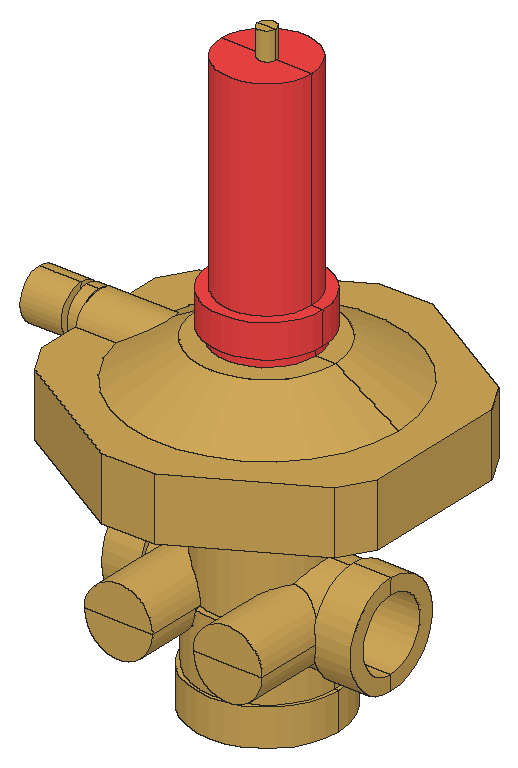
Revit family "Differential Pressure Control Valve 4202 5-30kPa", category Rohrzubehör, Revit 2018
Family settings
  Bemaßung runder Anschluss = Durchmesser verwenden
  Teiletyp = Unterbricht
  OmniClass-Nummer = 23.65.55.14
  OmniClass-Titel = Valves for Liquid Services
  Arbeitsebenenbasiert = Nein
  Immer vertikal = Ja
  Beim Laden mit Abzugskörper schneiden = Nein
  Gemeinsam genutzt = Nein
Parameters (values of type "without insulation")
  y2 [instance] = K14 + K9 + H01  # 49.149 mm
  y1 [instance] = (R03 * 2) + R05  # 66.000 mm
  Model = "The differential pressure controller is a straight-version linear controller and works without auxiliary power. The\r\nnominal differential pressure can be continuously adjusted from 50 to 300 mbar and 250 to 600 mbar, respectively.\r\nThe value for the setting can be read from the diagram. The nominal set point is factory preset to a minimum. If\r\nnecessary, the nominal set point can be adjusted using the pre-setting key (1 4002 01). A capillary tube (1000 mm) is\r\nincluded and should be connected to the circuit regulating valve in the supply line."
  Min. operating temperature (anti freeze) = -20 °C  # constant formula
  Max. operating temperature up to DN32 = 130 °C  # constant formula
  Max. operating temperature from DN40 = 110 °C  # constant formula
  Max. differential pressure on the body = 400000.0 Pa  # constant formula
  Max. operating pressure = 2500000.0 Pa  # constant formula
  Valve shaft = "stainless steel 14301"  # constant formula
  URL = "www.herzvalves.com"
  SCRNSEQ = "ARM;ARM_TYP=\"DIFR\";2"
  SCRNCODE = "05;03;4"  # constant formula
  S06 [instance] = 1.000 mm  # constant formula
  S05 [instance] = S01 - 1.000 mm  # 16.250 mm
  S04 [instance] = S02 - 1.000 mm  # 18.000 mm
  S03 [instance] = size_lookup("4202 5-30kPa", "S03", 26.500 mm, Nennweite)  # 25.600 mm
  S02 [instance] = size_lookup("4202 5-30kPa", "S02", 19.000 mm, Nennweite)  # 19.000 mm
  S01 [instance] = size_lookup("4202 5-30kPa", "S01", 17.250 mm, Nennweite)  # 17.250 mm
  Regulator connection nut = "brass CW614N"  # constant formula
  Control range = "5 - 30kPa"  # constant formula
  R06 [instance] = size_lookup("4202 5-30kPa", "R06", 14.500 mm, Nennweite)  # 14.500 mm
  R05 [instance] = size_lookup("4202 5-30kPa", "R05", 46.000 mm, Nennweite)  # 46.000 mm
  R04 [instance] = size_lookup("4202 5-30kPa", "R04", 12.500 mm, Nennweite)  # 12.500 mm
  R03 [instance] = size_lookup("4202 5-30kPa", "R03", 10.000 mm, Nennweite)  # 10.000 mm
  R02 = 14.500 mm  # constant formula
  R01 [instance] = size_lookup("4202 5-30kPa", "R01", 12.500 mm, Nennweite)  # 12.500 mm
  Min. operating temperature (pure water) = 2 °C  # constant formula
  O-Rings = "EPDM"  # constant formula
  Nennweite [instance] = 15.000 mm
  Membrane body = "brass CW602N"  # constant formula
  Membrane = "EPDM"  # constant formula
  Medium = "Water purity in accordance with the ÖNORM H 5195 and VDI 2035 standards.\r\nEthylene and propylene glycol can be mixed to a ratio of 25 - 50 vol. [%]"
  L2 [instance] = size_lookup("4202 5-30kPa", "L2", 161.000 mm, Nennweite)  # 161.000 mm
  L [instance] = size_lookup("4202 5-30kPa", "L", 66.000 mm, Nennweite)  # 66.000 mm
  K9 = 4.000 mm  # constant formula
  K8 = 55.000 mm  # constant formula
  K7 = 8.700 mm  # constant formula
  K6 = 11.700 mm  # constant formula
  K5 = 13.000 mm  # constant formula
  K4 = 12.000 mm  # constant formula
  K3 = 15.000 mm  # constant formula
  K2 = 2.350 mm  # constant formula
  K18 = 89.000 mm  # constant formula
  K17 = 66.700 mm  # constant formula
  K16 = 3.000 mm  # constant formula
  K15 = 26.649 mm  # constant formula
  K14 = 16.649 mm  # constant formula
  K13 = 16.649 mm  # constant formula
  K12 = 10.000 mm  # constant formula
  K11 = 35.000 mm  # constant formula
  K10 = 18.250 mm  # constant formula
  K1.1 = 2.350 mm  # constant formula
  K1 = 7.651 mm  # constant formula
  J9 = 15.700 mm  # constant formula
  J8 = 7.850 mm  # constant formula
  J7 = 15.897 mm  # constant formula
  J6 = 3.900 mm  # constant formula
  J5 = 6.500 mm  # constant formula
  J4 = 1.500 mm  # constant formula
  J3 = 3.200 mm  # constant formula
  J2 = 11.000 mm  # constant formula
  J11 = 3.500 mm  # constant formula
  J10 = 18.897 mm  # constant formula
  J1 = 6.500 mm  # constant formula
  Hersteller = "HERZ-Armaturen Ges.m.b.H"  # constant formula
  H2 [instance] = size_lookup("4202 5-30kPa", "H2", 28.000 mm, Nennweite)  # 28.000 mm
  H1 [instance] = K1 + K2 + K3 + K4 + K5 + K7 + K8 + K16 + 16.650 mm  # 133.351 mm
  H04 = 4.000 mm  # constant formula
  H03 = 9.800 mm  # constant formula
  H02 [instance] = size_lookup("4202 5-30kPa", "H02", 53.000 mm, Nennweite)  # 53.000 mm
  H01 [instance] = size_lookup("4202 5-30kPa", "H01", 25.000 mm, Nennweite)  # 28.500 mm
  Body = "DZR brass CC770S"  # constant formula
  G03 [instance] = size_lookup("4202 5-30kPa", "G03", 13.200 mm, Nennweite)  # 13.200 mm
  G02 [instance] = size_lookup("4202 5-30kPa", "G02", 9.500 mm, Nennweite)  # 9.500 mm
  G01 [instance] = size_lookup("4202 5-30kPa", "G01", 13.500 mm, Nennweite)  # 13.500 mm
  Adjusting spindle = "brass CW614N"  # constant formula
  Materials = "EPDM gaskets can be affected by mineral oil lubricants and thus lead to failure of the EPDM seals. Please refer\r\nto manufacturers documentation when using ethylene glycol products for frost and corrosion protection."
  Dämmung = no
  Insulation shell = "EPP (expanded polypropylen)"  # constant formula
  Compression spring = "spring steel 14310 NS"  # constant formula
  DN50 [instance] = Nennweite = 50.000 mm  # no
  DN40 [instance] = Nennweite = 40.000 mm  # no
  DN32-40 [instance] = or(Nennweite = 32.000 mm, Nennweite = 40.000 mm)  # no
  DN32 [instance] = Nennweite = 32.000 mm  # no
  DN25,32,40 [instance] = or(Nennweite = 25.000 mm, Nennweite = 32.000 mm, Nennweite = 40.000 mm)  # no
  DN25 [instance] = Nennweite = 25.000 mm  # no
  DN20 [instance] = Nennweite = 20.000 mm  # no
  DN15-25 [instance] = or(Nennweite = 15.000 mm, Nennweite = 20.000 mm, Nennweite = 25.000 mm)  # yes
  DN15,20,50 [instance] = or(Nennweite = 15.000 mm, Nennweite = 20.000 mm, Nennweite = 50.000 mm)  # yes
  DN15 [instance] = Nennweite = 15.000 mm  # yes
  D07 [instance] = if(Nennweite = 15.000 mm, 32.500 mm, if(Nennweite = 20.000 mm, 33.500 mm, if(Nennweite = 25.000 mm, 33.500 mm, if(Nennweite = 32.000 mm, 49.500 mm, if(Nennweite = 40.000 mm, 59.500 mm, if(Nennweite = 50.000 mm, 59.500 mm, 0.000 mm))))))  # 32.500 mm
  D06 [instance] = if(Nennweite = 15.000 mm, 32.500 mm, if(Nennweite = 20.000 mm, 33.500 mm, if(Nennweite = 25.000 mm, 33.500 mm, if(Nennweite = 32.000 mm, 49.500 mm, if(Nennweite = 40.000 mm, 59.500 mm, if(Nennweite = 50.000 mm, 59.500 mm, 0.000 mm))))))  # 32.500 mm
  D05 [instance] = if(Nennweite = 15.000 mm, 36.750 mm, if(Nennweite = 20.000 mm, 40.700 mm, if(Nennweite = 25.000 mm, 49.200 mm, if(Nennweite = 32.000 mm, 54.150 mm, if(Nennweite = 40.000 mm, 60.750 mm, if(Nennweite = 50.000 mm, 72.700 mm, 0.000 mm))))))  # 36.750 mm
  D04 [instance] = if(Nennweite = 15.000 mm, 78.500 mm, if(Nennweite = 20.000 mm, 82.000 mm, if(Nennweite = 25.000 mm, 84.000 mm, if(Nennweite = 32.000 mm, 120.000 mm, if(Nennweite = 40.000 mm, 130.000 mm, if(Nennweite = 50.000 mm, 130.500 mm, 0.000 mm))))))  # 78.500 mm
  D03 [instance] = size_lookup("4202 5-30kPa", "R05", 41.000 mm, Nennweite)  # 46.000 mm
  D02 [instance] = if(Nennweite = 15.000 mm, 96.000 mm, if(Nennweite = 20.000 mm, 110.000 mm, if(Nennweite = 25.000 mm, 112.000 mm, if(Nennweite = 32.000 mm, 152.000 mm, if(Nennweite = 40.000 mm, 170.000 mm, if(Nennweite = 50.000 mm, 179.000 mm, 0.000 mm))))))  # 96.000 mm
  D01 [instance] = size_lookup("4202 5-30kPa", "G01", 13.220 mm, Nennweite)  # 13.500 mm
  Bestellnummer Dämmung [instance] = if(and(Dämmung, Nennweite = 15.000 mm), 1409611, if(and(Dämmung, Nennweite = 20.000 mm), 1409612, if(and(Dämmung, Nennweite = 25.000 mm), 1409613, if(and(Dämmung, Nennweite = 32.000 mm), 1409614, if(and(Dämmung, Nennweite = 40.000 mm), 1409615, if(and(Dämmung, Nennweite = 50.000 mm), 1409616, 0))))))  # 0
  Bestellnummer [instance] = if(Nennweite = 15.000 mm, 1420241, if(Nennweite = 20.000 mm, 1420242, if(Nennweite = 25.000 mm, 1420243, if(Nennweite = 32.000 mm, 1420244, if(Nennweite = 40.000 mm, 1420245, if(Nennweite = 50.000 mm, 1420246, 0))))))  # 1420241
  B2 [instance] = size_lookup("4202 5-30kPa", "B2", 31.000 mm, Nennweite)  # 31.000 mm
  B1 [instance] = size_lookup("4202 5-30kPa", "B1", 26.000 mm, Nennweite)  # 26.000 mm
  B04 = 100.649 mm  # constant formula
  B03 = 44.500 mm  # constant formula
  B02 = 104.688 mm  # constant formula
  B01 = 10.000 mm  # constant formula
  Indicator sleeve = "plastic (red)"  # constant formula
  Application = "Differential pressure controllers are used to stabilize the differential pressure in heating and cooling circuits and ensure the\r\nindependence of the loads from dynamic pressure fluctuations in the system."
  Connection nipple = "brass CW602N"  # constant formula
Types (3, lengths in mm): name | y2 | y1 | Model | S05 | S04 | S03 | S02 | S01 | R05 | R04 | R03 | R01 | Nennweite | Medium | L2 | L | H2 | H02 | H01 | G03 | G02 | G01 | Materials | Dämmung | DN50 | DN15-25 | DN15 | D07 | D06 | D05 | D04 | D03 | D02 | D01 | Bestellnummer Dämmung | Bestellnummer | B2 | B1
  (no name) | 49.149 | 66.000 | "The differential pressure controller is a straight-version linear controller and works without auxiliary power. The\r\nnominal differential pressure can be continuously adjusted from 50 to 300 mbar and 250 to 600 mbar, respectively.\r\nThe value for the setting can be read from the diagram. The nominal set point is factory preset to a minimum. If\r\nnecessary, the nominal set point can be adjusted using the pre-setting key (1 4002 01). A capillary tube (1000 mm) is\r\nincluded and should be connected to the circuit regulating valve in the supply line." | 16.250 | 18.000 | 25.600 | 19.000 | 17.250 | 46.000 | 12.500 | 10.000 | 12.500 | 15.000 | "Water purity in accordance with the ÖNORM H 5195 and VDI 2035 standards.\r\nEthylene and propylene glycol can be mixed to a ratio of 25 - 50 vol. [%]" | 161.000 | 66.000 | 28.000 | 53.000 | 28.500 | 13.200 | 9.500 | 13.500 | "EPDM gaskets can be affected by mineral oil lubricants and thus lead to failure of the EPDM seals. Please refer\r\nto manufacturers documentation when using ethylene glycol products for frost and corrosion protection." | no | no | yes | yes | 32.500 | 32.500 | 36.750 | 78.500 | 46.000 | 96.000 | 13.500 | 0 | 1420241 | 31.000 | 26.000
  with insulation | 76.149 | 140.000 | "The differential pressure controller is a straight-version linear controller and works without auxiliary power. The\r\nnominal differential pressure can be continuously adjusted from 50 to 300 mbar and 250 to 600 mbar, respectively.\r\nThe value for the setting can be read from the diagram. The nominal set point is factory preset to a minimum. If\r\nnecessary, the nominal set point can be adjusted using the pre-setting key (1 4002 01). A capillary (1000 mm) is\r\nincluded and should be connected to the circuit regulating valve in the flow." | 27.500 | 27.000 | 37.700 | 28.000 | 28.500 | 106.000 | 14.500 | 17.000 | 33.500 | 50.000 | "Water purity in accordance with the ÖNORM H 5195 and VDI 2035 standards\r\nEthylene and propylene glycol can be mixed to a ratio of 25 - 50 vol. [%]" | 216.500 | 140.000 | 58.000 | 107.000 | 55.500 | 23.400 | 28.325 | 35.000 | "EPDM gaskets can be affected by Mineral oils lubricants and thus lead to failure of the EPDM seals. Please refer\r\nto manufacturers documentation when using ethylene glycol products for frost and corrosion protection" | yes | yes | no | no | 59.500 | 59.500 | 72.700 | 130.500 | 106.000 | 179.000 | 35.000 | 1409616 | 1420246 | 41.000 | 41.000
  without insulation | 49.149 | 66.000 | "The differential pressure controller is a straight-version linear controller and works without auxiliary power. The\r\nnominal differential pressure can be continuously adjusted from 50 to 300 mbar and 250 to 600 mbar, respectively.\r\nThe value for the setting can be read from the diagram. The nominal set point is factory preset to a minimum. If\r\nnecessary, the nominal set point can be adjusted using the pre-setting key (1 4002 01). A capillary tube (1000 mm) is\r\nincluded and should be connected to the circuit regulating valve in the supply line." | 16.250 | 18.000 | 25.600 | 19.000 | 17.250 | 46.000 | 12.500 | 10.000 | 12.500 | 15.000 | "Water purity in accordance with the ÖNORM H 5195 and VDI 2035 standards.\r\nEthylene and propylene glycol can be mixed to a ratio of 25 - 50 vol. [%]" | 161.000 | 66.000 | 28.000 | 53.000 | 28.500 | 13.200 | 9.500 | 13.500 | "EPDM gaskets can be affected by mineral oil lubricants and thus lead to failure of the EPDM seals. Please refer\r\nto manufacturers documentation when using ethylene glycol products for frost and corrosion protection." | no | no | yes | yes | 32.500 | 32.500 | 36.750 | 78.500 | 46.000 | 96.000 | 13.500 | 0 | 1420241 | 31.000 | 26.000
Reference planes
  plane 1 "Mitte (Vorne/hinten)": y = 0
  plane 2: z = 0
  plane 3 "Mitte (Links/rechts)": x = 0
Forms (mm)
  Revolve 1, solid, material "Messing, weicher Gelbton, geschweißt", detail levels fine
    sketch origin (0, 0, 0) x (1, 0, 0) y (0, 0, 1)
      loop
        line (-19.8, 0) -> (19.8, 0) -> (19.8, 9.5) -> (33, 9.5) -> (33, 13.5) -> (23, 13.5) -> (23, 12.5) -> (-23, 12.5) -> (-23, 13.5) -> (-33, 13.5) -> (-33, 9.5) -> (-19.8, 9.5) -> (-19.8, 0)
      axis (-33, 0) -> (33, 0)
    angle from 0 to 360
  Revolve 2, solid, material "Messing, weicher Gelbton, geschweißt", detail levels fine
    sketch origin (0, 0, 0) x (1, 0, 0) y (0, 0, 1)
      loop
        line (0, -28) -> (0, 0) -> (-18, 0) -> (-18, -18.2) -> (-19, -18.2) -> (-19, -28) -> (0, -28)
      axis (0, 0) -> (0, -28)
    angle from 0 to 360
  Extrusion 3, solid, material "Messing, weicher Gelbton, geschweißt", detail levels fine
    sketch origin (0, 0, 0) x (0, -1, 0) y (1, 0, 0)
      loop
        line (-46, -7.038) -> (-27.114, -39.75) -> (-18.886, -44.5) -> (18.886, -44.5) -> (27.114, -39.75) -> (46, -7.038) -> (46, 7.038) -> (27.114, 39.75) -> (18.886, 44.5) -> (-18.886, 44.5) -> (-27.114, 39.75) -> (-46, 7.038) -> (-46, -7.038)
    from 32.5 to 49.149
  Revolve 4, solid, material "Messing, weicher Gelbton, geschweißt", detail levels fine
    sketch origin (0, 0, -7.051) x (1, 0, 0) y (0, 0, 1)
      loop
        line (0, 56.2) -> (0, 66.2) -> (-18.25, 66.2) -> (-35, 56.2) -> (0, 56.2)
      axis (0, 66.2) -> (0, 56.2)
    angle from 0 to 360
  Revolve 5, solid, material "Messing, weicher Gelbton, geschweißt", visible <- "DN15-25", detail levels fine
    sketch origin (-11, 0, 0) x (1, 0, 0) y (0, 1, 0)
      loop
        line (-1.5, 26) -> (-9.2, 26) -> (-9.2, 0) -> (-1.5, 0) -> (-1.5, 26)
      axis (-1.5, 0) -> (-1.5, 26)
    angle from 0 to 360
  Revolve 6, solid, material "Messing, weicher Gelbton, geschweißt", visible <- "DN15,20,50", detail levels fine
    sketch origin (-0.988, 0, -6.853) x (-1, 0, 0) y (0, 0, 1)
      loop
        line (43.5, 55.25) -> (59.2, 55.25) -> (59.2, 61.75) -> (48.2, 61.75) -> (48.2, 59.15) -> (46.7, 59.15) -> (46.7, 61.75) -> (43.5, 61.75) -> (43.5, 55.25)
      axis (43.5, 55.25) -> (59.2, 55.25)
    angle from 0 to 360
  Extrusion 7, solid, material "Messing, weicher Gelbton, geschweißt", visible <- "DN15,20,50", detail levels fine
    sketch origin (0, 0, 0) x (0, 1, 0) y (0, 0, -1)
      loop
        line (7.85, -47.047) -> (7.85, -36) -> (-7.85, -36) -> (-7.85, -47.047)
        arc (-7.85, -47.047) -> (0, -54.897) -> (7.85, -47.047) r 7.85
    from 0 to 44.5
  Revolve 8, solid, material "Kunsstoff rot", detail levels fine
    sketch origin (0, 0, 0) x (1, 0, 0) y (0, 0, 1)
      loop
        line (-12, 125.849) -> (-12, 70.849) -> (-15, 70.849) -> (-15, 62.149) -> (-13, 62.149) -> (-13, 59.149) -> (0, 59.149) -> (0, 125.849) -> (-12, 125.849)
      axis (0, 125.849) -> (0, 59.149)
    angle from 0 to 360
  Revolve 9, solid, material "Messing, weicher Gelbton, geschweißt", visible <- "DN15-25", detail levels fine
    sketch origin (-2, 0, 0) x (1, 0, 0) y (0, 1, 0)
      loop
        line (-12.5, 0) -> (-21.5, 0) -> (-21.5, -31) -> (-12.5, -31) -> (-12.5, 0)
      axis (-12.5, 0) -> (-12.5, -31)
    angle from 0 to 360
  Revolve 10, solid, material "Messing, weicher Gelbton, geschweißt", visible <- "DN15-25", detail levels fine
    sketch origin (2, 0, 0) x (1, 0, 0) y (0, 1, 0)
      loop
        line (12.5, 0) -> (12.5, -31) -> (21.6, -31) -> (21.6, 0) -> (12.5, 0)
      axis (12.5, 0) -> (12.5, -31)
    angle from 0 to 360
  Extrusion 11, solid, material "Messing, weicher Gelbton, geschweißt", visible <- "DN32", detail levels fine
    sketch origin (-31.5, 0, 0) x (1, 0, 0) y (0, 1, 0)
      loop
        circle (63, 0) r 6.578
      loop
        circle (63, 0) r 3.28
    from -47 to 0
  Extrusion 12, solid, material "Messing, weicher Gelbton, geschweißt", visible <- "DN32", detail levels fine
    sketch origin (31.5, 0, 0) x (-1, 0, 0) y (0, -1, 0)
      loop
        circle (63, 0) r 6.578
      loop
        circle (63, 0) r 3.28
    from -47 to 0
  Revolve 13, solid, material "Messing, weicher Gelbton, geschweißt", detail levels fine
    sketch origin (0, 0, 0) x (1, 0, 0) y (0, 0, 1)
      loop
        line (-16.25, 0) -> (0, 0) -> (0, 32.5) -> (-12.25, 32.5) -> (-12.25, 28.5) -> (-17.25, 28.5) -> (-17.25, 18.7) -> (-16.25, 18.7) -> (-16.25, 0)
      axis (0, 32.5) -> (0, 0)
    angle from 0 to 360
  Extrusion 14, solid, material "Messing, weicher Gelbton, geschweißt", visible <- "DN40", detail levels fine
    sketch origin (29.382, 0, 0) x (-1, 0, 0) y (0, -1, 0)
      loop
        circle (63, 0) r 6.578
      loop
        circle (63, 0) r 3.28
    from -58 to 0
  Extrusion 15, solid, material "Messing, weicher Gelbton, geschweißt", visible <- "DN40", detail levels fine
    sketch origin (-29.455, 0, 0) x (1, 0, 0) y (0, 1, 0)
      loop
        circle (63, 0) r 6.578
      loop
        circle (63, 0) r 3.28
    from -58 to 0
  Extrusion 16, solid, material "Messing, weicher Gelbton, geschweißt", visible <- "DN50", detail levels fine
    sketch origin (28.422, 0, 0) x (-1, 0, 0) y (0, -1, 0)
      loop
        circle (63, 0) r 6.578
      loop
        circle (63, 0) r 3.28
    from -58 to 0
  Extrusion 17, solid, material "Messing, weicher Gelbton, geschweißt", visible <- "DN50", detail levels fine
    sketch origin (-28.422, 0, 0) x (1, 0, 0) y (0, 1, 0)
      loop
        circle (63, 0) r 6.578
      loop
        circle (63, 0) r 3.28
    from -58 to 0
  Revolve 18, solid, material "Messing, weicher Gelbton, geschweißt", detail levels fine
    sketch origin (0, 0, 0) x (1, 0, 0) y (0, 0, 1)
      loop
        line (-2.35, 125.349) -> (0, 125.349) -> (0, 133) -> (-2.35, 133) -> (-2.35, 125.349)
      axis (0, 133) -> (0, 125.349)
    angle from 0 to 360
  Revolve 19, solid, material "Messing, weicher Gelbton, geschweißt", visible <- "DN32-40", detail levels fine
    sketch origin (-11, 0, 0) x (1, 0, 0) y (0, 1, 0)
      loop
        line (-1.5, -26) -> (-1.5, 0) -> (-9.2, 0) -> (-9.2, -26) -> (-1.5, -26)
      axis (-1.5, 0) -> (-1.5, -26)
    angle from 0 to 360
  Revolve 20, solid, material "Messing, weicher Gelbton, geschweißt", visible <- "DN25,32,40", detail levels fine
    sketch origin (0.988, 0, 20.147) x (1, 0, 0) y (0, 0, 1)
      loop
        line (43.5, 28.25) -> (59.2, 28.25) -> (59.2, 34.75) -> (48.2, 34.75) -> (48.2, 32.15) -> (46.7, 32.15) -> (46.7, 34.75) -> (43.5, 34.75) -> (43.5, 28.25)
      axis (43.5, 28.25) -> (59.2, 28.25)
    angle from 0 to 360
  Extrusion 21, solid, material "Messing, weicher Gelbton, geschweißt", visible <- "DN25", detail levels fine
    sketch origin (0, 0, 0) x (0, 1, 0) y (0, 0, 1)
      loop
        arc (7.85, 48.047) -> (0, 55.897) -> (-7.85, 48.047) r 7.85
        line (-7.85, 48.047) -> (-7.85, 37) -> (7.85, 37) -> (7.85, 48.047)
    from 0 to 44.5
  Extrusion 22, solid, material "Messing, weicher Gelbton, geschweißt", visible <- "DN32", detail levels fine
    sketch origin (0, 0, 0) x (0, 1, 0) y (0, 0, 1)
      loop
        arc (7.85, 64.047) -> (0, 71.897) -> (-7.85, 64.047) r 7.85
        line (-7.85, 64.047) -> (-7.85, 53) -> (7.85, 53) -> (7.85, 64.047)
    from 0 to 44.5
  Extrusion 23, solid, material "Messing, weicher Gelbton, geschweißt", visible <- "DN40", detail levels fine
    sketch origin (0, 0, 0) x (0, 1, 0) y (0, 0, 1)
      loop
        arc (7.85, 74.047) -> (0, 81.897) -> (-7.85, 74.047) r 7.85
        line (-7.85, 74.047) -> (-7.85, 63) -> (7.85, 63) -> (7.85, 74.047)
    from 0 to 44.5
  Revolve 24, solid, material "Kunststoff-Anthrazit/Schwarz", visible <- "Dämmung"
    sketch origin (0, 0, 0) x (1, 0, 0) y (0, 0, 1)
      loop
        line (0, -46) -> (36.75, -46) -> (36.75, 32.5) -> (0, 32.5) -> (0, -46)
      axis (0, 32.5) -> (0, -46)
    angle from 0 to 360
  Revolve 25, solid, material "Kunststoff-Anthrazit/Schwarz", visible <- "Dämmung"
    sketch origin (0, 0, 0) x (1, 0, 0) y (0, 0, 1)
      loop
        line (0, 32.5) -> (-48, 32.5) -> (-48, 13.5) -> (-23, 13.5) -> (-23, 0) -> (0, 0) -> (23, 0) -> (23, 13.5) -> (48, 13.5) -> (48, 32.5) -> (0, 32.5)
      axis (-48, 0) -> (48, 0)
    angle from 0 to 360
Lines and regions (mm)
  model lines, detail levels coarse+medium
    curve 1: line (33, -13.5, 0) -> (33, 13.5, 0)
    curve 2: line (33, 13.5, 0) -> (-33, -13.5, 0)
    curve 3: line (-33, -13.5, 0) -> (-33, 13.5, 0)
    curve 4: line (-33, 13.5, 0) -> (33, -13.5, 0)
    curve 5: line (0, -18.5, 0) -> (0, -32.5, 0)
    curve 6: spline (-44.5, -40.824, 0) -> (-42.984, -38.67, 0) -> (-38.538, -36.662, 0) -> (-31.466, -34.938, 0) -> (-22.25, -33.615, 0) -> (-11.517, -32.784, 0) -> (0, -32.5, 0) -> (11.517, -32.784, 0) -> (22.25, -33.615, 0) -> (31.466, -34.938, 0) -> (38.538, -36.662, 0) -> (42.984, -38.67, 0) -> (44.5, -40.825, 0) -> (42.984, -42.979, 0) -> (38.538, -44.987, 0) -> (31.466, -46.711, 0) -> (22.25, -48.034, 0) -> (11.517, -48.865, 0) -> (0, -49.149, 0) -> (-11.517, -48.865, 0) -> (-22.25, -48.034, 0) -> (-31.466, -46.711, 0) -> (-38.538, -44.987, 0) -> (-42.984, -42.979, 0) -> (-44.5, -40.824, 0)
    curve 7: line (0, 0, 13.5) -> (0, 0, 32.5)
    curve 8: spline (-44.5, 0, 40.825) -> (-42.984, 0, 42.979) -> (-38.538, 0, 44.987) -> (-31.466, 0, 46.711) -> (-22.25, 0, 48.034) -> (-11.517, 0, 48.865) -> (0, 0, 49.149) -> (11.517, 0, 48.865) -> (22.25, 0, 48.034) -> (31.466, 0, 46.711) -> (38.538, 0, 44.987) -> (42.984, 0, 42.979) -> (44.5, 0, 40.824) -> (42.984, 0, 38.67) -> (38.538, 0, 36.662) -> (31.466, 0, 34.938) -> (22.25, 0, 33.615) -> (11.517, 0, 32.784) -> (0, 0, 32.5) -> (-11.517, 0, 32.784) -> (-22.25, 0, 33.615) -> (-31.466, 0, 34.938) -> (-38.538, 0, 36.662) -> (-42.984, 0, 38.67) -> (-44.5, 0, 40.825)
    curve 9: line (0, 0, 13.5) -> (16.5, 0, 6.75)
    curve 10: line (0, 0, 13.5) -> (-16.5, 0, 6.75)
    curve 11: line (0, -18.5, 0) -> (-6.483, -2.652, 0)
    curve 12: line (0, -18.5, 0) -> (6.483, -2.652, 0)
    curve 13: line (-33, 0, 13.5) -> (33, 0, -13.5)
    curve 14: line (33, 0, -13.5) -> (33, 0, 13.5)
    curve 15: line (33, 0, 13.5) -> (-33, 0, -13.5)
    curve 16: line (-33, 0, -13.5) -> (-33, 0, 13.5)
Dimensions and locks
  "G01": Revolve 1 sketch curve to Revolve 1 sketch curve  (x2)
  "R01": Revolve 1 sketch curve to Revolve 1 sketch curve
  "R03": Revolve 1 sketch curve to Revolve 1 sketch curve  (x2)
  "K10": Revolve 4 sketch curve to Revolve 4 sketch curve
  "K11": Revolve 4 sketch curve to Revolve 4 sketch curve
  "B1": Revolve 5 sketch curve to Revolve 5 sketch curve
  "J1": Revolve 6 sketch curve to Revolve 6 sketch curve
  "J3": Revolve 6 sketch curve to Revolve 6 sketch curve
  "J4": Revolve 6 sketch curve to Revolve 6 sketch curve
  "J2": Revolve 6 sketch curve to Revolve 6 sketch curve
  "J5": Revolve 6 sketch curve to Revolve 6 sketch curve
  "J6": Revolve 6 sketch curve to Revolve 6 sketch curve
  "H2": plane 2 to Revolve 2 sketch curve
  "H03": Revolve 2 sketch curve to Revolve 2 sketch curve
  "S02": plane 3 "Mitte (Links/rechts)" to Revolve 2 sketch curve
  "B02": Revolve 6 to Extrusion 3
  "B03": Extrusion 3 to plane 3 "Mitte (Links/rechts)"
  "R04": Revolve 5 sketch curve to plane 3 "Mitte (Links/rechts)"
  "K4": Revolve 8 sketch curve to Revolve 8 sketch curve
  "K3": Revolve 8 sketch curve to Revolve 8 sketch curve
  "K7": Revolve 8 sketch curve to Revolve 8 sketch curve
  "K5": Revolve 8 sketch curve to Revolve 8 sketch curve
  "K8": Revolve 8 sketch curve to Revolve 8 sketch curve
  "K12": Revolve 4 sketch curve to Revolve 4 sketch curve
  "K13": Revolve 4 sketch curve to Extrusion 3
  "K14": Extrusion 3 to Extrusion 3
  "K16": Revolve 8 sketch curve to Revolve 8 sketch curve
  "K15": Revolve 8 to Extrusion 3
  "R05": Revolve 1 sketch curve to Revolve 1 sketch curve
  equal spacing: Revolve 1 sketch curve, plane 3 "Mitte (Links/rechts)", Revolve 1 sketch curve
  "B2": plane 1 "Mitte (Vorne/hinten)" to Revolve 9 sketch curve
  "B2": Revolve 10 sketch curve to plane 1 "Mitte (Vorne/hinten)"
  "R06": Revolve 9 sketch curve to plane 3 "Mitte (Links/rechts)"
  "R06": plane 3 "Mitte (Links/rechts)" to Revolve 10 sketch curve
  "S01": Revolve 13 sketch curve to plane 3 "Mitte (Links/rechts)"
  "S05": plane 3 "Mitte (Links/rechts)" to Revolve 13 sketch curve
  "H04": Revolve 13 sketch curve to Revolve 13 sketch curve
  "H03": Revolve 13 sketch curve to Revolve 13 sketch curve
  "H01": Revolve 13 sketch curve to plane 2
  "K9": Extrusion 3 to Revolve 13
  "S06": Revolve 2 sketch curve to Revolve 2 sketch curve
  "J7": Revolve 6 sketch curve to Extrusion 3
  "J9": Extrusion 7 sketch curve to Extrusion 7 sketch curve
  "J10": Revolve 6 to Extrusion 7 sketch curve
  "J11": Extrusion 7 sketch curve to Extrusion 3
  "K18": Extrusion 3 to Extrusion 3
  "K18": curve 8 to curve 8
  "G01": curve 10 to plane 2
  "K14": curve 8 to curve 8
  "y2": curve 8 to plane 2
  "G01": plane 1 "Mitte (Vorne/hinten)" to curve 4
  "G01": curve 3 to plane 1 "Mitte (Vorne/hinten)"
  equal spacing: curve 3, curve 8, curve 1
  equal spacing: curve 3, curve 12, curve 1
  "y1": curve 3 to curve 1
  "G01": plane 1 "Mitte (Vorne/hinten)" to curve 2
  "G01": curve 4 to plane 1 "Mitte (Vorne/hinten)"
  "K18": curve 6 to curve 6
  "K14": curve 6 to curve 6
  "y2": curve 6 to plane 1 "Mitte (Vorne/hinten)"
  "K1.1": plane 3 "Mitte (Links/rechts)" to Revolve 18 sketch curve
  "B1": Revolve 19 sketch curve to Revolve 19 sketch curve
  "R04": Revolve 19 sketch curve to plane 3 "Mitte (Links/rechts)"
  "G02": Revolve 1 sketch curve to plane 2  (x2)
  "G03": Revolve 1 sketch curve to Revolve 1 sketch curve  (x2)
  Revolve 1 sketch curve to Revolve 1 sketch curve = 66.000 mm
  "L2": Revolve 18 to Revolve 2
  "J1": Revolve 20 sketch curve to Revolve 20 sketch curve
  "J3": Revolve 20 sketch curve to Revolve 20 sketch curve
  "J4": Revolve 20 sketch curve to Revolve 20 sketch curve
  "J2": Revolve 20 sketch curve to Revolve 20 sketch curve
  "J5": Revolve 20 sketch curve to Revolve 20 sketch curve
  "J6": Revolve 20 sketch curve to Revolve 20 sketch curve
  "J7": Revolve 20 sketch curve to Extrusion 3
  "J9": Extrusion 21 sketch curve to Extrusion 21 sketch curve
  "J9": Extrusion 22 sketch curve to Extrusion 22 sketch curve
  "J9": Extrusion 23 sketch curve to Extrusion 23 sketch curve
  equal spacing: curve 10, plane 3 "Mitte (Links/rechts)", curve 9
  "L": curve 14 to curve 16
  equal spacing: curve 14, curve 6, curve 16
  equal spacing: curve 14, curve 9, curve 10, curve 10, curve 16
  "G01": curve 16 to plane 2
  "G01": plane 2 to curve 16
  "G01": curve 15 to plane 2
  "G01": plane 2 to curve 14
  "D07": Revolve 25 sketch curve to plane 2
  "D01": Revolve 25 sketch curve to plane 2  (x2)
  "D03": Revolve 25 sketch curve to Revolve 25 sketch curve
  "D02": Revolve 25 sketch curve to Revolve 25 sketch curve
  equal spacing: Revolve 25 sketch curve, plane 3 "Mitte (Links/rechts)", Revolve 25 sketch curve  (x2)
  "D06": Revolve 24 sketch curve to plane 2
  "D05": Revolve 24 sketch curve to Revolve 24 sketch curve
  "D04": Revolve 24 sketch curve to Revolve 24 sketch curve
  "J8": radius of Extrusion 7 sketch curve
  "J8": radius of Extrusion 21 sketch curve
  "J8": radius of Extrusion 22 sketch curve
  "J8": radius of Extrusion 23 sketch curve
  aligned and locked: level to plane 2
Automatic sketch dimensions
  plane 3 "Mitte (Links/rechts)" to Extrusion 3 sketch curve = 7.038 mm  (x2)
  Extrusion 3 sketch curve to plane 1 "Mitte (Vorne/hinten)" = 46.000 mm
  Extrusion 3 sketch curve to plane 1 "Mitte (Vorne/hinten)" = 27.114 mm  (x2)
  Extrusion 3 sketch curve to Extrusion 3 sketch curve = 8.227 mm  (x4)
  plane 1 "Mitte (Vorne/hinten)" to Extrusion 3 sketch curve = 18.886 mm  (x2)
  Extrusion 3 sketch curve to Extrusion 3 sketch curve = 18.886 mm
  Extrusion 3 sketch curve to plane 3 "Mitte (Links/rechts)" = 7.038 mm  (x2)
  Extrusion 3 sketch curve to Extrusion 3 sketch curve = 32.712 mm  (x4)
  Extrusion 3 sketch curve to Extrusion 3 sketch curve = 4.750 mm  (x2)
  Extrusion 11 sketch curve to Extrusion 11 sketch curve = 0.000 mm  (x2)
  plane 1 "Mitte (Vorne/hinten)" to Extrusion 11 sketch curve = 0.000 mm
  plane 3 "Mitte (Links/rechts)" to Extrusion 11 sketch curve = 31.500 mm
  Extrusion 12 sketch curve to Extrusion 12 sketch curve = 0.000 mm  (x2)
  plane 1 "Mitte (Vorne/hinten)" to Extrusion 12 sketch curve = 0.000 mm
  plane 3 "Mitte (Links/rechts)" to Extrusion 12 sketch curve = 31.500 mm
  Extrusion 14 sketch curve to Extrusion 14 sketch curve = 0.000 mm  (x2)
  plane 1 "Mitte (Vorne/hinten)" to Extrusion 14 sketch curve = 0.000 mm
  plane 3 "Mitte (Links/rechts)" to Extrusion 14 sketch curve = 33.618 mm
  Extrusion 15 sketch curve to Extrusion 15 sketch curve = 0.000 mm  (x2)
  plane 1 "Mitte (Vorne/hinten)" to Extrusion 15 sketch curve = 0.000 mm
  plane 3 "Mitte (Links/rechts)" to Extrusion 15 sketch curve = 33.545 mm
  Extrusion 16 sketch curve to Extrusion 16 sketch curve = 0.000 mm  (x2)
  plane 1 "Mitte (Vorne/hinten)" to Extrusion 16 sketch curve = 0.000 mm
  plane 3 "Mitte (Links/rechts)" to Extrusion 16 sketch curve = 34.578 mm
  Extrusion 17 sketch curve to Extrusion 17 sketch curve = 0.000 mm  (x2)
  plane 1 "Mitte (Vorne/hinten)" to Extrusion 17 sketch curve = 0.000 mm
  plane 3 "Mitte (Links/rechts)" to Extrusion 17 sketch curve = 34.578 mm
  curve 8 to plane 3 "Mitte (Links/rechts)" = 0.000 mm
  curve 11 to plane 3 "Mitte (Links/rechts)" = 0.000 mm
  curve 6 to plane 3 "Mitte (Links/rechts)" = 0.000 mm
  curve 5 to curve 12 = 14.000 mm
  Revolve 1 sketch curve to level = 0.000 mm  (x2)
  Revolve 1 sketch curve to Revolve 1 sketch curve = 1473.530 mm
  Revolve 1 sketch curve to Revolve 1 sketch curve = 1806.148 mm
  Revolve 2 sketch curve to level = 0.000 mm
  Revolve 2 sketch curve to plane 3 "Mitte (Links/rechts)" = 0.000 mm  (x2)
  Revolve 2 sketch curve to Revolve 2 sketch curve = 1.000 mm
  Revolve 2 sketch curve to Revolve 2 sketch curve = 334.045 mm
  level to Revolve 2 sketch curve = 2218.015 mm
  Revolve 4 sketch curve to plane 3 "Mitte (Links/rechts)" = 0.000 mm  (x2)
  Revolve 4 sketch curve to level = 373.096 mm
  Revolve 4 sketch curve to Revolve 4 sketch curve = 2155.315 mm
  plane 1 "Mitte (Vorne/hinten)" to Revolve 5 sketch curve = 0.000 mm  (x2)
  Revolve 5 sketch curve to Revolve 5 sketch curve = 0.000 mm  (x2)
  Revolve 5 sketch curve to Revolve 5 sketch curve = 7.700 mm
  plane 3 "Mitte (Links/rechts)" to Revolve 6 sketch curve = 44.488 mm
  Revolve 6 sketch curve to Revolve 6 sketch curve = 0.000 mm  (x3)
  Extrusion 7 sketch curve to plane 1 "Mitte (Vorne/hinten)" = 0.000 mm
  Extrusion 7 sketch curve to Extrusion 7 sketch curve = 11.047 mm
  Extrusion 7 sketch curve to Extrusion 7 sketch curve = 0.000 mm
  Revolve 8 sketch curve to plane 3 "Mitte (Links/rechts)" = 0.000 mm  (x2)
  level to Revolve 8 sketch curve = 59.149 mm
  Revolve 8 sketch curve to Revolve 8 sketch curve = 0.000 mm  (x2)
  plane 1 "Mitte (Vorne/hinten)" to Revolve 9 sketch curve = 0.000 mm  (x2)
  Revolve 9 sketch curve to Revolve 9 sketch curve = 9.000 mm
  Revolve 9 sketch curve to Revolve 9 sketch curve = 0.000 mm  (x2)
  plane 1 "Mitte (Vorne/hinten)" to Revolve 10 sketch curve = 0.000 mm  (x2)
  Revolve 10 sketch curve to Revolve 10 sketch curve = 9.100 mm
  Revolve 10 sketch curve to Revolve 10 sketch curve = 0.000 mm  (x2)
  Revolve 13 sketch curve to level = 0.000 mm  (x2)
  Revolve 13 sketch curve to plane 3 "Mitte (Links/rechts)" = 0.000 mm  (x2)
  Revolve 13 sketch curve to Revolve 13 sketch curve = 5.000 mm
  Revolve 13 sketch curve to Revolve 13 sketch curve = 0.000 mm
  Revolve 18 sketch curve to plane 3 "Mitte (Links/rechts)" = 0.000 mm  (x2)
  level to Revolve 18 sketch curve = 125.349 mm
  Revolve 18 sketch curve to Revolve 18 sketch curve = 7.651 mm
  Revolve 18 sketch curve to Revolve 18 sketch curve = 0.000 mm  (x2)
  plane 1 "Mitte (Vorne/hinten)" to Revolve 19 sketch curve = 0.000 mm  (x2)
  Revolve 19 sketch curve to Revolve 19 sketch curve = 7.700 mm
  Revolve 19 sketch curve to Revolve 19 sketch curve = 0.000 mm  (x2)
  plane 3 "Mitte (Links/rechts)" to Revolve 20 sketch curve = 44.488 mm
  Revolve 20 sketch curve to Revolve 20 sketch curve = 0.000 mm  (x3)
  Extrusion 21 sketch curve to plane 1 "Mitte (Vorne/hinten)" = 0.000 mm
  level to Extrusion 21 sketch curve = 37.000 mm
  Extrusion 21 sketch curve to Extrusion 21 sketch curve = 11.047 mm
  Extrusion 21 sketch curve to Extrusion 21 sketch curve = 0.000 mm
  Extrusion 22 sketch curve to plane 1 "Mitte (Vorne/hinten)" = 0.000 mm
  level to Extrusion 22 sketch curve = 53.000 mm
  Extrusion 22 sketch curve to Extrusion 22 sketch curve = 11.047 mm
  Extrusion 22 sketch curve to Extrusion 22 sketch curve = 0.000 mm
  Extrusion 23 sketch curve to plane 1 "Mitte (Vorne/hinten)" = 0.000 mm
  level to Extrusion 23 sketch curve = 63.000 mm
  Extrusion 23 sketch curve to Extrusion 23 sketch curve = 11.047 mm
  Extrusion 23 sketch curve to Extrusion 23 sketch curve = 0.000 mm
  Revolve 24 sketch curve to plane 3 "Mitte (Links/rechts)" = 0.000 mm  (x2)
  Revolve 24 sketch curve to Revolve 24 sketch curve = 19.575 mm
  Revolve 24 sketch curve to Revolve 24 sketch curve = 9.344 mm
  Revolve 25 sketch curve to level = 0.000 mm  (x2)
  Revolve 25 sketch curve to plane 3 "Mitte (Links/rechts)" = 0.000 mm  (x2)
  Revolve 25 sketch curve to Revolve 25 sketch curve = 0.000 mm  (x2)
  radius of Extrusion 11 sketch curve = 6.578 mm
  radius of Extrusion 11 sketch curve = 3.280 mm
  radius of Extrusion 12 sketch curve = 6.578 mm
  radius of Extrusion 12 sketch curve = 3.280 mm
  radius of Extrusion 14 sketch curve = 6.578 mm
  radius of Extrusion 14 sketch curve = 3.280 mm
  radius of Extrusion 15 sketch curve = 6.578 mm
  radius of Extrusion 15 sketch curve = 3.280 mm
  radius of Extrusion 16 sketch curve = 6.578 mm
  radius of Extrusion 16 sketch curve = 3.280 mm
  radius of Extrusion 17 sketch curve = 6.578 mm
  radius of Extrusion 17 sketch curve = 3.280 mm
Nested families
  nested 1: "Herz-Logo-vorne" at (-0.018, 17.815, -12.904) x (0, -1, 0) z (0, 0, 1), type "Herz-Logo-vorne", detail levels fine
  nested 2: "Herz-Logo-vorne" at (-0.018, 24.058, 0) x (0, -1, 0) z (0, 0, 1), visible <- "DN32", type "Herz-Logo-vorne", detail levels fine
  nested 3: "Herz-Logo-vorne" at (-0.018, 33.471, 0) x (0, -1, 0) z (0, 0, 1), visible <- "DN50", type "Herz-Logo-vorne", detail levels fine
  nested 4: "Herz-Logo-vorne" at (-0.018, 26.482, 0) x (0, -1, 0) z (0, 0, 1), visible <- "DN40", type "Herz-Logo-vorne", detail levels fine
Connectors
  piping at (33, 0, 0), diameter 15, driven by "Nennweite"
    settings: on Revolve 1, index 1, connector inside diameter 609.6 mm, connector length 0.000 mm, flow factor 0, pipe flow 0.0 L/s, pressure drop 0.0 Pa, fitting loss kfactor 0, connector angle 0.00°, fixture units 0, engagement length 0.000 mm, angle of deflection 0.00°, flow configuration 0, flow direction 2, fitting loss method 0, system type 29, joint type 0, gender type 0, connector reference index -1, connector utility 0, adjustable connector no, is connector primary yes, connector description ""
  piping at (-33, 0, 0), diameter 15, driven by "Nennweite"
    settings: on Revolve 1, index 2, connector inside diameter 609.6 mm, connector length 0.000 mm, flow factor 0, pipe flow 0.0 L/s, pressure drop 0.0 Pa, fitting loss kfactor 0, connector angle 0.00°, fixture units 0, engagement length 0.000 mm, angle of deflection 0.00°, flow configuration 0, flow direction 1, fitting loss method 0, system type 7, joint type 0, gender type 0, connector reference index -1, connector utility 0, adjustable connector no, is connector primary no, connector description ""
Definition of nested family "Herz-Logo-vorne"
  Reference planes
    plane 1 "Mitte (Vorne/hinten)": y = 0
    plane 2: z = 0
    plane 3 "Mitte (Links/rechts)": x = 0
  Forms (mm)
    Extrusion 1, solid
      sketch origin (0.732, -0.018, 0.017) x (0, -1, 0) y (0, 0, 1)
        loop
          line (-0.018, -4.517) -> (4.482, -4.517) -> (4.482, 4.483) -> (-4.518, 4.483) -> (-4.518, -4.517) -> (-0.018, -4.517)
        loop
          line (-0.05, -3.48) -> (3.482, -3.48) -> (3.482, 3.483) -> (-3.518, 3.483) -> (-3.518, -3.48) -> (-0.05, -3.48)
        loop
          arc (-0.018, 2.383) -> (-1.543, 3.287) -> (-3.067, 2.383) r 1.738
          arc (-3.067, 2.383) -> (-3.191, 1.899) -> (-3.067, 1.415) r 1.009
          line (-3.067, 1.415) -> (-0.018, -3.281) -> (3.032, 1.415)
          arc (3.032, 1.415) -> (3.156, 1.899) -> (3.032, 2.383) r 1.009
          arc (3.032, 2.383) -> (1.507, 3.287) -> (-0.018, 2.383) r 1.738
        loop
          arc (1.885, 1.272) -> (2.005, 1.675) -> (1.885, 2.079) r 0.74
          arc (1.885, 2.079) -> (1.265, 2.416) -> (0.644, 2.079) r 0.74
          line (0.644, 2.079) -> (-0.018, 0.97) -> (-0.679, 2.079)
          arc (-0.679, 2.079) -> (-1.3, 2.416) -> (-1.921, 2.079) r 0.74
          arc (-1.921, 2.079) -> (-2.04, 1.675) -> (-1.921, 1.272) r 0.74
          line (-1.921, 1.272) -> (-0.018, -1.658) -> (1.885, 1.272)
      from 0 to 1.5
  Dimensions and locks
    aligned and locked: level to plane 2
